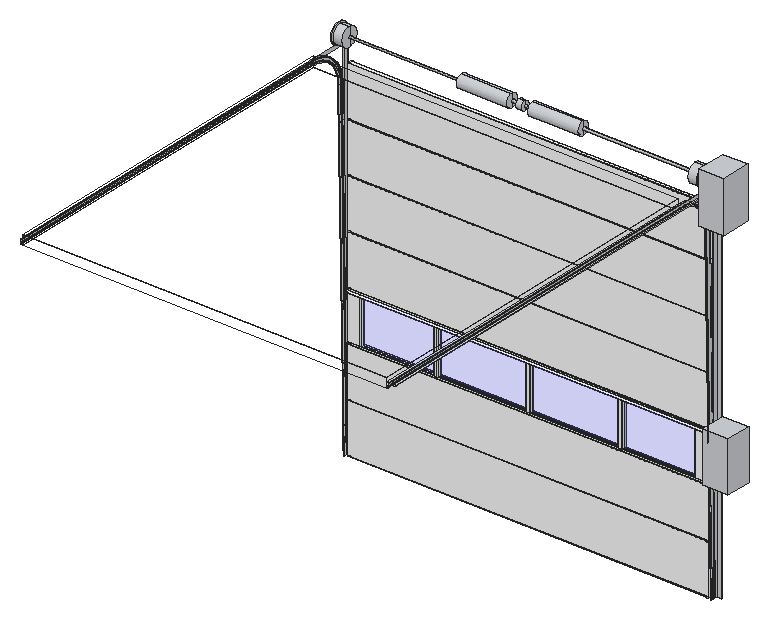
Revit family "EX3150 Complete Door - DraftA", category Doors, host Wall, Revit 2022
Family settings
  Host = Wall
  OmniClass Number = 23.30.10.17.37.14
  OmniClass Title = Sectional Overhead Doors
  Always vertical = Yes
  Cut with Voids When Loaded = No
  Shared = No
  Room Calculation Point = No
Parameters (values of type "By Type")
  Windload = "Doors available rated for various design pressures; consult Clopay for avaialbility and specifications"
  VisSection6 = NumSections = 6  # no
  VisSection5 = NumSections > 4  # yes
  VisSection4 = NumSections > 3  # yes
  VisSection3 = NumSections > 2  # yes
  VisArray = NumSections > 6  # yes
  URL = "www.clopaydoor.com"
  Track Type = Track - Standard Lift : 15" Radius
  Track = "Galvanized steel (gauge varies according to door size)"
  Thickness = 0' - 1 3/8"  # constant formula
  Spec Wizard = "http://www.arcat.com/specwizard/08360clo/index.htm"
  Section Height = Height / NumSections  # 2' - 0"
  Section 5 Glazing = Section : Solid
  Section 4 Glazing = Section : Solid
  Section 3 Glazing = Full Vision Section : Intermediate
  Sales Information = "http://www.clopaydoor.com/where-to-buy.aspx?type=dealer"
  Rough Width = 0' - 0"  # constant formula
  Rough Height = 0' - 0"  # constant formula
  R-Value = "6.5"
  Product Features and Benefits = "http://www.clopaydoor.com/insulated-polystyrene-applications.aspx"
  Overlapping Jamb = yes
  Overlap = if(Overlapping Jamb, 0' 1", 0' 0")  # 0' - 1"
  Opening Width = 14' - 2"
  Opening Height = 14' - 0"
  Opener - Right Side = yes
  Opener - Left Side = not([Opener - Right Side])  # no
  Omniclass Table = "23-30 10 17 37 "
  NumSectionsNotRounded = Height / 2' 0"  # 7
  NumSections = NumSectionsNotRounded + 0.4999  # 7
  NumArraySections = if(NumSections > 6, NumSections - 5, 2)  # 2
  Model = "3715"
  Minimum Size = "8' 0'' wide x 7' 0'' high"  # constant formula
  Maximum Size = "16' 2'' wide x 14' 0'' high"  # constant formula
  Maximum High Lift = "10' 0''"  # constant formula
  Manufacturer Website = "http://www.clopaydoor.com"
  Manufacturer Phone Number = "1-800-526-4301"
  Manufacturer Address = "1400 W. Market St., Troy, OH 45373"
  Manufacturer = "Clopay Building Products Company"
  LEED = "http://products.construction.com/swts_content_files/151607/303186.pdf"
  Keynote = "08 36 13"
  Interior Steel = "28 ga. galvanized, primed, and finish painted"
  High Lift = 4' - 0"
  Hardware = "14 ga. min. steel hinges; 10-ball steel rollers"
  GreenFormat = "http://www.greenformat.com/products/1536-Polyurethane%20Insulated%20Doors.rtf"
  Function = Interior
  Height = Opening Height + Rough Width * 0  # 14' - 0"
  Wall Closure = By host
  Width = Opening Width + Rough Width * 0  # 14' - 2"
  FloorToSection7 = 6 * Section Height  # 12' - 0"
  FloorToSection6 = 5 * Section Height  # 10' - 0"
  FloorToSection5 = 4 * Section Height  # 8' - 0"
  FloorToSection4 = 3 * Section Height  # 6' - 0"
  FloorToSection3 = 2 * Section Height  # 4' - 0"
  FloorToSection2 = Section Height  # 2' - 0"
  File Revision = "02 (August, 2012)"
  Exterior Steel = "27 ga. galvanized, primed, and finish painted"
  Double End Stiles = 1 = 1  # yes
  Door Width = Opening Width + Overlap * 2  # 14' - 4"
  Door Height = Opening Height + Rough Width * 0  # 14' - 0"
  Description = "1-3/8'' thick polyurethane insulated, stucco embossed 27 gauge steel exterior with light ribbed pattern."
  Core Material = "Expanded polystyrene"
  Copyright = "2010, Clopay Building Products Company, Inc."
  Control Box - Right Side = [Opener - Right Side]  # yes
  Control Box - Left Side = [Opener - Left Side]  # no
  Color = White
  CAD and Specifications = "http://www.clopaydoor.com/insulated-polystyrene-specs.aspx"
  Assembly Code = "B2030410"
Reference planes (in)
  plane 1 "Center (Front/Back)": y = 0
  plane 2 "Center (Left/Right)": x = 0
  plane 3 "Left": x = -85
  plane 4 "Right": x = 85
  plane 5 "Top": z = 168
  plane 6 "Exterior": y = 3
  plane 7 "Interior": y = -3
  plane 8: z = 120
  plane 9: z = 144
Lines and regions (in)
  Opening 1
    outline origin (-90, -3, 0) x (1, 0, 0) y (0, 0, 1)
      loop
        line (5, 0) -> (175, 0) -> (175, 168) -> (5, 168) -> (5, 0)
Text (in)
  text "Exterior" at (-74.96733, 27.31104, 0), in view "Ref. Level"
  text "Interior" at (-74.96733, -25.14366, 0), in view "Ref. Level"
  text "Exterior" at (0, 40.15149, 123.01588), in view "Right"
  text "Interior" at (0, -64.39139, 123.01588), in view "Right"
  text "Interior" at (0, -31.01599, 123.00693), in view "Left"
  text "Exterior" at (0, 54.57065, 123.00693), in view "Left"
Dimensions and locks (in)
  equal spacing: plane 3 "Left", plane 2 "Center (Left/Right)", plane 4 "Right"
  "Height": level to plane 5 "Top"
  "Width": plane 3 "Left" to plane 4 "Right"
  host wall to plane 5 "Top" = 14' - 0"
  nested 1 to plane 7 "Interior" = 0' - 0 1/2"
  "FloorToSection6": plane 8 to level
  "FloorToSection7": plane 9 to level
  group 1 to group 2 = 0' - 0"  (x2)
  group 1 to group 2 = 2' - 0"
  host wall to host wall = 67' - 6"
  aligned and locked: plane 3 "Left" to Opening 1 sketch curve
  aligned and locked: plane 5 "Top" to Opening 1 sketch curve
  aligned and locked: Opening 1 sketch curve to plane 5 "Top"
  aligned and locked: Opening 1 sketch curve to plane 4 "Right"
  aligned and locked: Opening 1 sketch curve to level
  aligned and locked: plane 6 "Exterior" to host wall
  aligned and locked: host wall to plane 7 "Interior"
  aligned and locked: plane 2 "Center (Left/Right)" to nested 2
  aligned and locked: plane 2 "Center (Left/Right)" to nested 3
  aligned and locked: plane 2 "Center (Left/Right)" to nested 4
  aligned and locked: plane 2 "Center (Left/Right)" to nested 5
  aligned and locked: plane 2 "Center (Left/Right)" to nested 7
  aligned and locked: nested 7 to plane 8
  aligned and locked: nested 8 to plane 9
  aligned and locked: plane 7 "Interior" to nested 2
  aligned and locked: plane 7 "Interior" to nested 7
  aligned and locked: host wall to nested 8
  aligned and locked: plane 7 "Interior" to nested 3
  aligned and locked: host wall to nested 3
  aligned and locked: plane 7 "Interior" to nested 1
  aligned and locked: nested 2 to host wall
  aligned and locked: plane 7 "Interior" to nested 6
  aligned and locked: plane 7 "Interior" to nested 5
  aligned and locked: host wall to nested 7
  aligned and locked: plane 7 "Interior" to nested 4
  aligned and locked: nested 11 to plane 2 "Center (Left/Right)"
Nested families (in)
  nested 1: "Section" at (0, 0, 0), type "Solid"
  nested 2: "Section" at (0, 0, 24), built-in parameter 1001364 <- "Section Height", type "Solid"
  nested 3: "Full Vision Section" at (0, 0, 48), type <- "Section 3 Glazing", built-in parameter 1001364 <- "FloorToSection3", visible <- "VisSection3", type "Intermediate"
    with SingleStileVis no, Rail Width 14' - 3 13/16", NumIntStiles 3, Half Rail Width 7' - 1 29/32", Half Door Width 7' - 2", Glass Width 14' - 2 13/16", End Stile Face 0' - 6", Edge to 1st Int Stile 3' - 6", Double End Stiles yes, Door Width 14' - 4", ArrayStileVis yes, ArrayIntStiles 3
  nested 4: "Section" at (0, 0, 120), built-in parameter 1001364 <- "FloorToSection6", visible <- "VisSection6", type "Solid"
  nested 5: "Section" at (0, 0, 96), built-in parameter 1001364 <- "FloorToSection5", type <- "Section 5 Glazing", visible <- "VisSection5", type "Solid"
  nested 6: "Section" at (0, 0, 72), type <- "Section 4 Glazing", built-in parameter 1001364 <- "FloorToSection4", visible <- "VisSection4", type "Solid"
  nested 7: "Section" at (0, 0, 120), visible <- "VisArray", type "Solid"
  nested 8: "Section" at (0, 0, 144), visible <- "VisArray", type "Solid"
  nested 9: "Section" at (0, 4.67704, 636.93806), type "Windows - 24x8", not visible
  nested 10: "Section" at (0, 4.63986, 609.3176), type "Windows - 24x12", not visible
  nested 11: "Track - Standard Lift" at (0, 0, 0) x (-1, 0, 0) z (0, 0, 1), type <- "Track Type", type "15" Radius"
    with TrackToTrack 14' - 6", Door Width 14' - 4", CenterToLHTrack 7' - 3", CenterToRHTrack -7' - 3", CenterToJackShaft 7' - 7"
Definition of nested family "Section"
  Parameters (values of type "Windows - 24x12")
    X9 = if(if(NumArrayedWindows < NumWindows, NumArrayedWindows + 1, NumWindows) < 9, X1, X8 + WindowSpacing)  # 0' - 8 1/2"
    X8 = if(if(NumArrayedWindows < NumWindows, NumArrayedWindows + 1, NumWindows) < 8, X1, X7 + WindowSpacing)  # 0' - 8 1/2"
    X7 = if(if(NumArrayedWindows < NumWindows, NumArrayedWindows + 1, NumWindows) < 7, X1, X6 + WindowSpacing)  # 0' - 8 1/2"
    X6 = if(if(NumArrayedWindows < NumWindows, NumArrayedWindows + 1, NumWindows) < 6, X1, X5 + WindowSpacing)  # 0' - 8 1/2"
    X5 = if(if(NumArrayedWindows < NumWindows, NumArrayedWindows + 1, NumWindows) < 5, X1, X4 + WindowSpacing)  # 0' - 8 1/2"
    X4 = if(if(NumArrayedWindows < NumWindows, NumArrayedWindows + 1, NumWindows) < 4, X1, X3 + WindowSpacing)  # 11' - 8 1/2"
    X3 = if(NumWindows < 3, X1, X2 + WindowSpacing)  # 8' - 0 1/2"
    X2 = if(NumWindows < 2, ((Door Width - (NumWindows - 1) * WindowSpacing) / 2 - Cutout Width / 2), ((Door Width - (NumWindows - 1) * WindowSpacing) / 2 - Cutout Width / 2) + WindowSpacing)  # 4' - 4 1/2"
    Windows = 37xx Window Array : 24x12
    WindowVis = yes
    WindowSpacing = if(and(Door Width < 10' 0", Door Width > 9' 2"), 3' 4", 3' 8")  # 3' - 8"
    WindowCutDepth = 0' - 2"
    Section Height = 2' - 0"
    RibSpacing = Section Height / (NumRibs + 1)  # 0' - 4"
    NumWindows = if(Door Width < 9' 4", 2, if(Door Width < 13' 4", 3, if(Door Width < 16' 4", 4, if(Door Width < 20' 4", 5, if(Door Width < 24' 4", 6, if(Door Width < 26' 4", 7, if(Door Width < 31' 8", 8, 10)))))))  # 4
    NumRibs = if(Section Height < 1' 9", 3, if(Section Height < 2' 0", 4, 5))  # 5
    NumArrayedWindows = if(X2 = X1, NumWindows - 2, NumWindows)  # 4
    Half Section Height = Section Height / 2  # 1' - 0"
    Half Door Width Neg = -Half Door Width  # -7' - 2"
    Half Door Width = Door Width / 2  # 7' - 2"
    Half Cutout Height = Cutout Height / 2  # 0' - 5 1/2"
    Function = (empty or 0)
    Height = 0' - 0"
    Wall Closure = (empty or 0)
    Width = 0' - 0"
    X1 = if(or(Door Width > 31' 6", and(Door Width > 26' 2", Door Width < 28' 1"), Door Width = 24' 3", Door Width = 24' 4", and(Door Width > 20' 2", Door Width < 20' 11"), and(Door Width > 16' 2", Door Width < 17' 3")), X2, (Door Width - (NumWindows - 1) * WindowSpacing) / 2 - Cutout Width / 2)  # 0' - 8 1/2"
    Door Width = 14' - 4"
    Define Thermal Properties by = 1
    CutoutToCutout = 1' - 0"
    Cutout Width = 1' - 11"
    Cutout Height = 0' - 11"
    Color = none
    BtmTo1stRib = RibSpacing  # 0' - 4"
    Assembly Code = ""
    Analytic Construction = "<None>"
  Types (3): name | Windows | WindowVis | WindowCutDepth | Half Cutout Height | Cutout Height
    Windows - 24x12 | 37xx Window Array : 24x12 | yes | 0' - 2" | 0' - 5 1/2" | 0' - 11"
    Windows - 24x8 | 37xx Window Array : 24x8 | yes | 0' - 2" | 0' - 3 1/2" | 0' - 7"
    Solid | 37xx Window Array : 24x8 | no | -0' - 0 13/128" | 0' - 3 1/2" | 0' - 7"
  Reference planes (in)
    plane 1 "Center (Front/Back)": y = 0
    plane 2 "Center (Left/Right)": x = 0
    plane 3 "Exterior": y = 3
    plane 4 "Interior": y = -3
    plane 5: y = -3.5
    plane 6: x = 86
    plane 7: x = -86
    plane 8: z = 4
    plane 9: z = 8
    plane 10: z = 24
    plane 11: z = 12
    plane 12: z = 0
  Forms (in)
    Extrusion 1, solid, material <- "Color"
      sketch origin (-86, -12, 83.08252) x (0, 0, 1) y (0, -1, 0)
        loop
          line (-59.08252, -8.37573) -> (-59.08252, -6.62444)
          arc (-59.08252, -6.62444) -> (-59.11897, -6.53645) -> (-59.20696, -6.5) r 0.12444
          line (-59.20696, -6.5) -> (-82.95809, -6.5)
          arc (-82.95809, -6.5) -> (-83.04608, -6.53645) -> (-83.08252, -6.62444) r 0.12444
          line (-83.08252, -6.62444) -> (-83.08252, -8.37573)
          arc (-83.08252, -8.37573) -> (-83.04612, -8.4636) -> (-82.95825, -8.5) r 0.12427
          line (-82.95825, -8.5) -> (-59.20679, -8.5)
          arc (-59.20679, -8.5) -> (-59.11892, -8.4636) -> (-59.08252, -8.37573) r 0.12427
      from 0 to 172 <- "Door Width"
    Extrusion 2, void
      sketch origin (0, 0, -0.5) x (0, -1, 0) y (0, 0, 1)
        loop
          line (3.5, 4.62727) -> (3.5, 4.37273) -> (3.53032, 4.41942)
          arc (3.53032, 4.41942) -> (3.53753, 4.43506) -> (3.54, 4.4521) r 0.06
          line (3.54, 4.4521) -> (3.54, 4.5479)
          arc (3.54, 4.5479) -> (3.53753, 4.56494) -> (3.53032, 4.58058) r 0.06
          line (3.53032, 4.58058) -> (3.5, 4.62727)
      from -86 <- "Half Door Width Neg" to 172 <- "Door Width"
    Extrusion 3, void
      sketch origin (0, 0, 3.5) x (0, -1, 0) y (0, 0, 1)
        loop
          line (3.5, 4.62727) -> (3.5, 4.37273) -> (3.53032, 4.41942)
          arc (3.53032, 4.41942) -> (3.53753, 4.43506) -> (3.54, 4.4521) r 0.06
          line (3.54, 4.4521) -> (3.54, 4.5479)
          arc (3.54, 4.5479) -> (3.53753, 4.56494) -> (3.53032, 4.58058) r 0.06
          line (3.53032, 4.58058) -> (3.5, 4.62727)
      from -86 <- "Half Door Width Neg" to 172 <- "Door Width"
    Extrusion 4, void
      sketch origin (0, 0, 7.5) x (0, -1, 0) y (0, 0, 1)
        loop
          line (3.5, 4.62727) -> (3.5, 4.37273) -> (3.53032, 4.41942)
          arc (3.53032, 4.41942) -> (3.53753, 4.43506) -> (3.54, 4.4521) r 0.06
          line (3.54, 4.4521) -> (3.54, 4.5479)
          arc (3.54, 4.5479) -> (3.53753, 4.56494) -> (3.53032, 4.58058) r 0.06
          line (3.53032, 4.58058) -> (3.5, 4.62727)
      from -86 <- "Half Door Width Neg" to 172 <- "Door Width"
    Extrusion 5, void
      sketch origin (-98.15385, -3.5, 48) x (1, 0, 0) y (0, 0, 1)
        loop
          line (175.65385, -30.5) -> (152.65385, -30.5) -> (152.65385, -36) -> (175.65385, -36) -> (175.65385, -30.5)
      from 0 to 2 <- "WindowCutDepth"
    Extrusion 6, void
      sketch origin (-98.15385, -3.5, -24) x (1, 0, 0) y (0, 0, 1)
        loop
          line (175.65385, 30.5) -> (175.65385, 36) -> (152.65385, 36) -> (152.65385, 30.5) -> (175.65385, 30.5)
      from 0 to 2 <- "WindowCutDepth"
    Extrusion 7, void
      sketch origin (-136.15385, -3.5, 48) x (1, 0, 0) y (0, 0, 1)
        loop
          line (169.65385, -30.5) -> (146.65385, -30.5) -> (146.65385, -36) -> (169.65385, -36) -> (169.65385, -30.5)
      from 0 to 2 <- "WindowCutDepth"
    Extrusion 8, void
      sketch origin (-136.15385, -3.5, -24) x (1, 0, 0) y (0, 0, 1)
        loop
          line (169.65385, 30.5) -> (169.65385, 36) -> (146.65385, 36) -> (146.65385, 30.5) -> (169.65385, 30.5)
      from 0 to 2 <- "WindowCutDepth"
    Extrusion 9, void
      sketch origin (-171.15385, -3.5, 48) x (1, 0, 0) y (0, 0, 1)
        loop
          line (160.65385, -30.5) -> (137.65385, -30.5) -> (137.65385, -36) -> (160.65385, -36) -> (160.65385, -30.5)
      from 0 to 2 <- "WindowCutDepth"
    Extrusion 10, void
      sketch origin (-171.15385, -3.5, -24) x (1, 0, 0) y (0, 0, 1)
        loop
          line (160.65385, 30.5) -> (160.65385, 36) -> (137.65385, 36) -> (137.65385, 30.5) -> (160.65385, 30.5)
      from 0 to 2 <- "WindowCutDepth"
    Extrusion 11, void
      sketch origin (-214.15385, -3.5, 48) x (1, 0, 0) y (0, 0, 1)
        loop
          line (159.65385, -30.5) -> (136.65385, -30.5) -> (136.65385, -36) -> (159.65385, -36) -> (159.65385, -30.5)
      from 0 to 2 <- "WindowCutDepth"
    Extrusion 12, void
      sketch origin (-214.15385, -3.5, -24) x (1, 0, 0) y (0, 0, 1)
        loop
          line (159.65385, 30.5) -> (159.65385, 36) -> (136.65385, 36) -> (136.65385, 30.5) -> (159.65385, 30.5)
      from 0 to 2 <- "WindowCutDepth"
    Extrusion 13, void
      sketch origin (-256.15385, -3.5, 48) x (1, 0, 0) y (0, 0, 1)
        loop
          line (333.65385, -30.5) -> (310.65385, -30.5) -> (310.65385, -36) -> (333.65385, -36) -> (333.65385, -30.5)
      from 0 to 2 <- "WindowCutDepth"
    Extrusion 14, void
      sketch origin (-256.15385, -3.5, -24) x (1, 0, 0) y (0, 0, 1)
        loop
          line (333.65385, 30.5) -> (333.65385, 36) -> (310.65385, 36) -> (310.65385, 30.5) -> (333.65385, 30.5)
      from 0 to 2 <- "WindowCutDepth"
    Extrusion 15, void
      sketch origin (-294.15385, -3.5, 48) x (1, 0, 0) y (0, 0, 1)
        loop
          line (371.65385, -30.5) -> (348.65385, -30.5) -> (348.65385, -36) -> (371.65385, -36) -> (371.65385, -30.5)
      from 0 to 2 <- "WindowCutDepth"
    Extrusion 16, void
      sketch origin (-294.15385, -3.5, -24) x (1, 0, 0) y (0, 0, 1)
        loop
          line (371.65385, 30.5) -> (371.65385, 36) -> (348.65385, 36) -> (348.65385, 30.5) -> (371.65385, 30.5)
      from 0 to 2 <- "WindowCutDepth"
    Extrusion 17, void
      sketch origin (-331.15385, -3.5, 48) x (1, 0, 0) y (0, 0, 1)
        loop
          line (408.65385, -30.5) -> (385.65385, -30.5) -> (385.65385, -36) -> (408.65385, -36) -> (408.65385, -30.5)
      from 0 to 2 <- "WindowCutDepth"
    Extrusion 18, void
      sketch origin (-331.15385, -3.5, -24) x (1, 0, 0) y (0, 0, 1)
        loop
          line (408.65385, 30.5) -> (408.65385, 36) -> (385.65385, 36) -> (385.65385, 30.5) -> (408.65385, 30.5)
      from 0 to 2 <- "WindowCutDepth"
    Extrusion 19, void
      sketch origin (-368.15385, -3.5, 48) x (1, 0, 0) y (0, 0, 1)
        loop
          line (445.65385, -30.5) -> (422.65385, -30.5) -> (422.65385, -36) -> (445.65385, -36) -> (445.65385, -30.5)
      from 0 to 2 <- "WindowCutDepth"
    Extrusion 20, void
      sketch origin (-368.15385, -3.5, -24) x (1, 0, 0) y (0, 0, 1)
        loop
          line (445.65385, 30.5) -> (445.65385, 36) -> (422.65385, 36) -> (422.65385, 30.5) -> (445.65385, 30.5)
      from 0 to 2 <- "WindowCutDepth"
    Extrusion 21, void
      sketch origin (-407.15385, -3.5, 48) x (1, 0, 0) y (0, 0, 1)
        loop
          line (484.65385, -30.5) -> (461.65385, -30.5) -> (461.65385, -36) -> (484.65385, -36) -> (484.65385, -30.5)
      from 0 to 2 <- "WindowCutDepth"
    Extrusion 22, void
      sketch origin (-407.15385, -3.5, -24) x (1, 0, 0) y (0, 0, 1)
        loop
          line (484.65385, 30.5) -> (484.65385, 36) -> (461.65385, 36) -> (461.65385, 30.5) -> (484.65385, 30.5)
      from 0 to 2 <- "WindowCutDepth"
    Extrusion 23, void
      sketch origin (0, 0, 11.5) x (0, -1, 0) y (0, 0, 1)
        loop
          line (3.5, 4.62727) -> (3.5, 4.37273) -> (3.53032, 4.41942)
          arc (3.53032, 4.41942) -> (3.53753, 4.43506) -> (3.54, 4.4521) r 0.06
          line (3.54, 4.4521) -> (3.54, 4.5479)
          arc (3.54, 4.5479) -> (3.53753, 4.56494) -> (3.53032, 4.58058) r 0.06
          line (3.53032, 4.58058) -> (3.5, 4.62727)
      from -86 <- "Half Door Width Neg" to 172 <- "Door Width"
    Extrusion 24, void
      sketch origin (0, 0, 15.5) x (0, -1, 0) y (0, 0, 1)
        loop
          line (3.5, 4.62727) -> (3.5, 4.37273) -> (3.53032, 4.41942)
          arc (3.53032, 4.41942) -> (3.53753, 4.43506) -> (3.54, 4.4521) r 0.06
          line (3.54, 4.4521) -> (3.54, 4.5479)
          arc (3.54, 4.5479) -> (3.53753, 4.56494) -> (3.53032, 4.58058) r 0.06
          line (3.53032, 4.58058) -> (3.5, 4.62727)
      from -86 <- "Half Door Width Neg" to 172 <- "Door Width"
  Cuts and joins
    Extrusion 2, Extrusion 3, Extrusion 4, Extrusion 5, Extrusion 6, Extrusion 7, Extrusion 8, Extrusion 9, Extrusion 10, Extrusion 11, Extrusion 12, Extrusion 13, Extrusion 14, Extrusion 15, Extrusion 16, Extrusion 17, Extrusion 18, Extrusion 19, Extrusion 20, Extrusion 21, Extrusion 22, Extrusion 23, Extrusion 24 cuts Extrusion 1
  Lines and regions (in)
    reference lines
      curve 1: line (-72, -3.54, 4) -> (-72, -3.5, 4)
      curve 2: line (-72, -5.45984, 4) -> (-72, -5.49984, 4)
      curve 3: line (-72, -3.54, 8) -> (-72, -3.5, 8)
      curve 4: line (-72, -3.54, 12) -> (-72, -3.5, 12)
      curve 5: line (-72, -5.45984, 4) -> (-72, -5.49984, 4)
      curve 6: line (-72, -5.45984, 8) -> (-72, -5.49984, 8)
      curve 7: line (-72, -5.45984, 12) -> (-72, -5.49984, 12)
      curve 8: line (-72, -3.54, 16) -> (-72, -3.5, 16)
      curve 9: line (-72, -5.45984, 16) -> (-72, -5.49984, 16)
      curve 10: line (-72, -3.54, 20) -> (-72, -3.5, 20)
      curve 11: line (-72, -5.45984, 20) -> (-72, -5.49984, 20)
  Text (in)
    text "Exterior" at (-74.96733, 27.31104, 0), in view "Ref. Level"
    text "Interior" at (-74.96733, -25.14366, 0), in view "Ref. Level"
    text "Exterior" at (0, 40.15149, 123.01588), in view "Right"
    text "Interior" at (0, -64.39139, 123.01588), in view "Right"
    text "Interior" at (0, -31.01599, 123.00693), in view "Left"
    text "Exterior" at (0, 54.57065, 123.00693), in view "Left"
  Dimensions and locks (in)
    plane 4 "Interior" to plane 5 = 0' - 0 1/2"
    "Half Door Width": plane 2 "Center (Left/Right)" to plane 7
    "Half Door Width": plane 6 to plane 2 "Center (Left/Right)"
    Extrusion 1 sketch curve to Extrusion 1 sketch curve = 0' - 2"
    Extrusion 2 sketch curve to Extrusion 2 sketch curve = 0' - 0.25454"
    Extrusion 2 sketch curve to Extrusion 2 sketch curve = 0' - 0.04"  (x2)
    "BtmTo1stRib": plane 8 to level
    curve 1 to Extrusion 2 sketch curve = 0' - 0.12727"
    "RibSpacing": plane 9 to plane 8
    "Section Height": plane 10 to level
    Extrusion 3 sketch curve to Extrusion 3 sketch curve = 0' - 0.25454"
    Extrusion 3 sketch curve to Extrusion 3 sketch curve = 0' - 0.04"  (x2)
    curve 3 to Extrusion 3 sketch curve = 0' - 0.12727"
    equal spacing: group 1, group 2, group 3, group 4, group 5  (x3)
    Extrusion 4 sketch curve to Extrusion 4 sketch curve = 0' - 0.25454"
    Extrusion 4 sketch curve to Extrusion 4 sketch curve = 0' - 0.04"  (x2)
    curve 4 to Extrusion 4 sketch curve = 0' - 0.12727"
    "Half Section Height": level to plane 11
    "Cutout Width": Extrusion 5 sketch curve to Extrusion 5 sketch curve
    "Half Cutout Height": Extrusion 5 sketch curve to Extrusion 5 sketch curve
    "Cutout Width": Extrusion 6 sketch curve to Extrusion 6 sketch curve
    "Half Cutout Height": Extrusion 6 sketch curve to Extrusion 6 sketch curve
    "X1": cut or joined group 1 (Extrusion 1, Extrusion 2, Extrusion 3, Extrusion 4, Extrusion 5, Extrusion 6, Extrusion 7, Extrusion 8, Extrusion 9, Extrusion 10, Extrusion 11, Extrusion 12, Extrusion 13, Extrusion 14, Extrusion 15, Extrusion 16, Extrusion 17, Extrusion 18, Extrusion 19, Extrusion 20, Extrusion 21, Extrusion 22, Extrusion 23, Extrusion 24) to cut or joined group 1
    "Cutout Width": Extrusion 7 sketch curve to Extrusion 7 sketch curve
    "Half Cutout Height": Extrusion 7 sketch curve to Extrusion 7 sketch curve
    "Cutout Width": Extrusion 8 sketch curve to Extrusion 8 sketch curve
    "Half Cutout Height": Extrusion 8 sketch curve to Extrusion 8 sketch curve
    "Cutout Width": Extrusion 9 sketch curve to Extrusion 9 sketch curve
    "Half Cutout Height": Extrusion 9 sketch curve to Extrusion 9 sketch curve
    "Cutout Width": Extrusion 10 sketch curve to Extrusion 10 sketch curve
    "Half Cutout Height": Extrusion 10 sketch curve to Extrusion 10 sketch curve
    "X2": plane 6 to cut or joined group 1
    "X3": plane 6 to cut or joined group 1
    "Cutout Width": Extrusion 11 sketch curve to Extrusion 11 sketch curve
    "Half Cutout Height": Extrusion 11 sketch curve to Extrusion 11 sketch curve
    "Cutout Width": Extrusion 12 sketch curve to Extrusion 12 sketch curve
    "Half Cutout Height": Extrusion 12 sketch curve to Extrusion 12 sketch curve
    "Cutout Width": Extrusion 13 sketch curve to Extrusion 13 sketch curve
    "Half Cutout Height": Extrusion 13 sketch curve to Extrusion 13 sketch curve
    "Cutout Width": Extrusion 14 sketch curve to Extrusion 14 sketch curve
    "Half Cutout Height": Extrusion 14 sketch curve to Extrusion 14 sketch curve
    "Cutout Width": Extrusion 15 sketch curve to Extrusion 15 sketch curve
    "Half Cutout Height": Extrusion 15 sketch curve to Extrusion 15 sketch curve
    "Cutout Width": Extrusion 16 sketch curve to Extrusion 16 sketch curve
    "Half Cutout Height": Extrusion 16 sketch curve to Extrusion 16 sketch curve
    "Cutout Width": Extrusion 17 sketch curve to Extrusion 17 sketch curve
    "Half Cutout Height": Extrusion 17 sketch curve to Extrusion 17 sketch curve
    "Cutout Width": Extrusion 18 sketch curve to Extrusion 18 sketch curve
    "Half Cutout Height": Extrusion 18 sketch curve to Extrusion 18 sketch curve
    "Cutout Width": Extrusion 19 sketch curve to Extrusion 19 sketch curve
    "Half Cutout Height": Extrusion 19 sketch curve to Extrusion 19 sketch curve
    "Cutout Width": Extrusion 20 sketch curve to Extrusion 20 sketch curve
    "Half Cutout Height": Extrusion 20 sketch curve to Extrusion 20 sketch curve
    "Cutout Width": Extrusion 21 sketch curve to Extrusion 21 sketch curve
    "Half Cutout Height": Extrusion 21 sketch curve to Extrusion 21 sketch curve
    "Cutout Width": Extrusion 22 sketch curve to Extrusion 22 sketch curve
    "Half Cutout Height": Extrusion 22 sketch curve to Extrusion 22 sketch curve
    "X4": plane 6 to cut or joined group 1
    "X5": plane 6 to cut or joined group 1
    "X6": plane 6 to cut or joined group 1
    "X7": plane 6 to cut or joined group 1
    "X8": plane 6 to cut or joined group 1
    "X9": plane 6 to cut or joined group 1
    locked: nested 1 to cut or joined group 1 at 1  (x2)
    locked: nested 1 to cut or joined group 1 at 0.125
    Extrusion 23 sketch curve to Extrusion 23 sketch curve = 0' - 0.25454"
    Extrusion 23 sketch curve to Extrusion 23 sketch curve = 0' - 0.04"  (x2)
    curve 8 to Extrusion 23 sketch curve = 0' - 0.12727"
    Extrusion 24 sketch curve to Extrusion 24 sketch curve = 0' - 0.25454"
    Extrusion 24 sketch curve to Extrusion 24 sketch curve = 0' - 0.04"  (x2)
    curve 10 to Extrusion 24 sketch curve = 0' - 0.12727"
    locked: plane 4 "Interior" to cut or joined group 1 at 0.5
    radius of Extrusion 1 sketch curve = 0' - 0.12427"  (x2)
    radius of Extrusion 1 sketch curve = 0' - 0.12444"  (x2)
    angle Extrusion 2 sketch curve to Extrusion 2 sketch curve = 147.00°  (x2)
    angle Extrusion 3 sketch curve to Extrusion 3 sketch curve = 147.00°  (x2)
    angle Extrusion 4 sketch curve to Extrusion 4 sketch curve = 147.00°  (x2)
    angle Extrusion 23 sketch curve to Extrusion 23 sketch curve = 147.00°  (x2)
    angle Extrusion 24 sketch curve to Extrusion 24 sketch curve = 147.00°  (x2)
    aligned and locked: Extrusion 1 sketch curve to plane 5
    aligned and locked: plane 8 to curve 1
    aligned and locked: plane 9 to curve 3
    aligned and locked: Extrusion 5 sketch curve to plane 11
    aligned and locked: plane 11 to Extrusion 6 sketch curve
    aligned and locked: cut or joined group 1 to cut or joined group 1  (x9)
    aligned and locked: plane 12 to level
  Automatic sketch dimensions
    curve 2 to curve 1 = 0' - 1.91984"
    curve 1 to curve 1 = 0' - 0.04"  (x2)
    curve 1 to curve 2 = 0' - 1.91984"
    curve 2 to curve 2 = 0' - 0.04"  (x2)
    Extrusion 2 sketch curve to Extrusion 2 sketch curve = 0' - 0"
    Extrusion 2 sketch curve to Extrusion 2 sketch curve = 0' - 0.02"
    Extrusion 2 sketch curve to Extrusion 2 sketch curve = 0' - 0.00968"  (x2)
    curve 5 to curve 1 = 0' - 0"
    curve 1 to curve 5 = 0' - 1.91984"
    curve 5 to curve 5 = 0' - 0.04"
    Extrusion 3 sketch curve to Extrusion 3 sketch curve = 0' - 0"
    Extrusion 3 sketch curve to Extrusion 3 sketch curve = 0' - 0.02"
    Extrusion 3 sketch curve to Extrusion 3 sketch curve = 0' - 0.00968"  (x2)
    curve 6 to curve 3 = 0' - 0"
    curve 3 to curve 3 = 0' - 0.04"
    curve 3 to curve 6 = 0' - 1.91984"
    curve 6 to curve 6 = 0' - 0.04"
    Extrusion 4 sketch curve to Extrusion 4 sketch curve = 0' - 0"
    Extrusion 4 sketch curve to Extrusion 4 sketch curve = 0' - 0.02"
    Extrusion 4 sketch curve to Extrusion 4 sketch curve = 0' - 0.00968"  (x2)
    curve 7 to curve 4 = 0' - 0"
    curve 4 to curve 4 = 0' - 0.04"
    curve 4 to curve 7 = 0' - 1.91984"
    curve 7 to curve 7 = 0' - 0.04"
    curve 2 to plane 8 = 0' - 0"
    curve 2 to plane 5 = 0' - 1.95984"
    Extrusion 5 sketch curve to plane 6 = 2' - 7 1/2"
    Extrusion 6 sketch curve to plane 6 = 2' - 7 1/2"
    Extrusion 7 sketch curve to plane 11 = 0' - 0"
    Extrusion 7 sketch curve to plane 6 = 6' - 3 1/2"
    Extrusion 8 sketch curve to plane 11 = 0' - 0"
    Extrusion 8 sketch curve to plane 6 = 6' - 3 1/2"
    Extrusion 9 sketch curve to plane 11 = 0' - 0"
    Extrusion 9 sketch curve to plane 6 = 9' - 11 1/2"
    Extrusion 10 sketch curve to plane 11 = 0' - 0"
    Extrusion 10 sketch curve to plane 6 = 9' - 11 1/2"
    Extrusion 11 sketch curve to plane 11 = 0' - 0"
    Extrusion 11 sketch curve to plane 2 "Center (Left/Right)" = 6' - 5 1/2"
    Extrusion 12 sketch curve to plane 11 = 0' - 0"
    Extrusion 12 sketch curve to plane 2 "Center (Left/Right)" = 6' - 5 1/2"
    Extrusion 13 sketch curve to plane 11 = 0' - 0"
    plane 2 "Center (Left/Right)" to Extrusion 13 sketch curve = 4' - 6 1/2"
    Extrusion 14 sketch curve to plane 11 = 0' - 0"
    plane 2 "Center (Left/Right)" to Extrusion 14 sketch curve = 4' - 6 1/2"
    Extrusion 15 sketch curve to plane 11 = 0' - 0"
    plane 2 "Center (Left/Right)" to Extrusion 15 sketch curve = 4' - 6 1/2"
    Extrusion 16 sketch curve to plane 11 = 0' - 0"
    plane 2 "Center (Left/Right)" to Extrusion 16 sketch curve = 4' - 6 1/2"
    Extrusion 17 sketch curve to plane 11 = 0' - 0"
    plane 2 "Center (Left/Right)" to Extrusion 17 sketch curve = 4' - 6 1/2"
    Extrusion 18 sketch curve to plane 11 = 0' - 0"
    plane 2 "Center (Left/Right)" to Extrusion 18 sketch curve = 4' - 6 1/2"
    Extrusion 19 sketch curve to plane 11 = 0' - 0"
    plane 7 to Extrusion 19 sketch curve = 11' - 8 1/2"
    Extrusion 20 sketch curve to plane 11 = 0' - 0"
    plane 7 to Extrusion 20 sketch curve = 11' - 8 1/2"
    Extrusion 21 sketch curve to plane 11 = 0' - 0"
    plane 7 to Extrusion 21 sketch curve = 11' - 8 1/2"
    Extrusion 22 sketch curve to plane 11 = 0' - 0"
    plane 7 to Extrusion 22 sketch curve = 11' - 8 1/2"
    Extrusion 1 sketch curve to plane 10 = 0' - 0"
    Extrusion 1 sketch curve to level = 0' - 0"
    Extrusion 23 sketch curve to Extrusion 23 sketch curve = 0' - 0"
    Extrusion 23 sketch curve to Extrusion 23 sketch curve = 0' - 0.02"
    Extrusion 23 sketch curve to Extrusion 23 sketch curve = 0' - 0.00968"  (x2)
    curve 9 to curve 8 = 0' - 0"
    curve 8 to curve 8 = 0' - 0.04"
    curve 8 to curve 9 = 0' - 1.91984"
    curve 9 to curve 9 = 0' - 0.04"
    Extrusion 24 sketch curve to Extrusion 24 sketch curve = 0' - 0"
    Extrusion 24 sketch curve to Extrusion 24 sketch curve = 0' - 0.02"
    Extrusion 24 sketch curve to Extrusion 24 sketch curve = 0' - 0.00968"  (x2)
    curve 11 to curve 10 = 0' - 0"
    curve 10 to curve 10 = 0' - 0.04"
    curve 10 to curve 11 = 0' - 1.91984"
    curve 11 to curve 11 = 0' - 0.04"
  Nested families (in)
    nested 1: "37xx Window Array" at (66, -3.375, 7.5) x (-1, 0, 0) z (0, 0, 1), type <- "Windows", visible <- "WindowVis", type "24x12"
      with NumWindows 4, Frame Height 1' - 1"
  Definition of nested family "37xx Window Array"
    Parameters
      Window Spacing = 3' - 8"
      NumWindows = 3
      Frame Width = 2' - 1"
      Frame Height = 0' - 9"
      Default Elevation = 0' - 0"
      Color = none
      Assembly Code = ""
    Reference planes (in)
      plane 1 "Center (Front/Back)": y = 0
      plane 2: z = 0
      plane 3 "Center (Left/Right)": x = 0
      plane 4: y = -1
    Forms (in)
      Extrusion 1, solid, material <- "Color"
        sketch origin (-1.38592, 0, 0) x (1, 0, 0) y (0, 0, 1)
          loop
            line (-8.86408, 1.625) -> (11.63592, 1.625)
            arc (11.63592, 1.625) -> (12.07786, 1.80806) -> (12.26092, 2.25) r 0.625
            line (12.26092, 2.25) -> (12.26092, 6.75)
            arc (12.26092, 6.75) -> (12.07786, 7.19194) -> (11.63592, 7.375) r 0.625
            line (11.63592, 7.375) -> (-8.86408, 7.375)
            arc (-8.86408, 7.375) -> (-9.30602, 7.19194) -> (-9.48908, 6.75) r 0.625
            line (-9.48908, 6.75) -> (-9.48908, 2.25)
            arc (-9.48908, 2.25) -> (-9.30602, 1.80806) -> (-8.86408, 1.625) r 0.625
          loop
            line (-10.48908, 0) -> (13.26092, 0)
            arc (13.26092, 0) -> (13.70286, 0.18306) -> (13.88592, 0.625) r 0.625
            line (13.88592, 0.625) -> (13.88592, 8.375)
            arc (13.88592, 8.375) -> (13.70286, 8.81694) -> (13.26092, 9) r 0.625
            line (13.26092, 9) -> (-10.48908, 9)
            arc (-10.48908, 9) -> (-10.93102, 8.81694) -> (-11.11408, 8.375) r 0.625
            line (-11.11408, 8.375) -> (-11.11408, 0.625)
            arc (-11.11408, 0.625) -> (-10.93102, 0.18306) -> (-10.48908, 0) r 0.625
        from 0 to 2.25
      Extrusion 2, solid
        sketch origin (0, -1, 15.9844) x (0, 0, 1) y (-1, 0, 0)
          loop
            arc (-8.6094, 10.25) -> (-8.79246, 10.69194) -> (-9.2344, 10.875) r 0.625
            line (-9.2344, 10.875) -> (-13.7344, 10.875)
            arc (-13.7344, 10.875) -> (-14.17634, 10.69194) -> (-14.3594, 10.25) r 0.625
            line (-14.3594, 10.25) -> (-14.3594, -10.25)
            arc (-14.3594, -10.25) -> (-14.17634, -10.69194) -> (-13.7344, -10.875) r 0.625
            line (-13.7344, -10.875) -> (-9.2344, -10.875)
            arc (-9.2344, -10.875) -> (-8.79246, -10.69194) -> (-8.6094, -10.25) r 0.625
            line (-8.6094, -10.25) -> (-8.6094, 10.25)
        from 0 to 0.25
      Extrusion 3, solid, material <- "Color"
        sketch origin (42.61408, 0, 0) x (1, 0, 0) y (0, 0, 1)
          loop
            line (-8.86408, 1.625) -> (11.63592, 1.625)
            arc (11.63592, 1.625) -> (12.07786, 1.80806) -> (12.26092, 2.25) r 0.625
            line (12.26092, 2.25) -> (12.26092, 6.75)
            arc (12.26092, 6.75) -> (12.07786, 7.19194) -> (11.63592, 7.375) r 0.625
            line (11.63592, 7.375) -> (-8.86408, 7.375)
            arc (-8.86408, 7.375) -> (-9.30602, 7.19194) -> (-9.48908, 6.75) r 0.625
            line (-9.48908, 6.75) -> (-9.48908, 2.25)
            arc (-9.48908, 2.25) -> (-9.30602, 1.80806) -> (-8.86408, 1.625) r 0.625
          loop
            line (-10.48908, 0) -> (13.26092, 0)
            arc (13.26092, 0) -> (13.70286, 0.18306) -> (13.88592, 0.625) r 0.625
            line (13.88592, 0.625) -> (13.88592, 8.375)
            arc (13.88592, 8.375) -> (13.70286, 8.81694) -> (13.26092, 9) r 0.625
            line (13.26092, 9) -> (-10.48908, 9)
            arc (-10.48908, 9) -> (-10.93102, 8.81694) -> (-11.11408, 8.375) r 0.625
            line (-11.11408, 8.375) -> (-11.11408, 0.625)
            arc (-11.11408, 0.625) -> (-10.93102, 0.18306) -> (-10.48908, 0) r 0.625
        from 0 to 2.25
      Extrusion 4, solid
        sketch origin (44, -1, 15.9844) x (0, 0, 1) y (-1, 0, 0)
          loop
            arc (-8.6094, 10.25) -> (-8.79246, 10.69194) -> (-9.2344, 10.875) r 0.625
            line (-9.2344, 10.875) -> (-13.7344, 10.875)
            arc (-13.7344, 10.875) -> (-14.17634, 10.69194) -> (-14.3594, 10.25) r 0.625
            line (-14.3594, 10.25) -> (-14.3594, -10.25)
            arc (-14.3594, -10.25) -> (-14.17634, -10.69194) -> (-13.7344, -10.875) r 0.625
            line (-13.7344, -10.875) -> (-9.2344, -10.875)
            arc (-9.2344, -10.875) -> (-8.79246, -10.69194) -> (-8.6094, -10.25) r 0.625
            line (-8.6094, -10.25) -> (-8.6094, 10.25)
        from 0 to 0.25
      Extrusion 5, solid, material <- "Color"
        sketch origin (86.61408, 0, 0) x (1, 0, 0) y (0, 0, 1)
          loop
            line (-8.86408, 1.625) -> (11.63592, 1.625)
            arc (11.63592, 1.625) -> (12.07786, 1.80806) -> (12.26092, 2.25) r 0.625
            line (12.26092, 2.25) -> (12.26092, 6.75)
            arc (12.26092, 6.75) -> (12.07786, 7.19194) -> (11.63592, 7.375) r 0.625
            line (11.63592, 7.375) -> (-8.86408, 7.375)
            arc (-8.86408, 7.375) -> (-9.30602, 7.19194) -> (-9.48908, 6.75) r 0.625
            line (-9.48908, 6.75) -> (-9.48908, 2.25)
            arc (-9.48908, 2.25) -> (-9.30602, 1.80806) -> (-8.86408, 1.625) r 0.625
          loop
            line (-10.48908, 0) -> (13.26092, 0)
            arc (13.26092, 0) -> (13.70286, 0.18306) -> (13.88592, 0.625) r 0.625
            line (13.88592, 0.625) -> (13.88592, 8.375)
            arc (13.88592, 8.375) -> (13.70286, 8.81694) -> (13.26092, 9) r 0.625
            line (13.26092, 9) -> (-10.48908, 9)
            arc (-10.48908, 9) -> (-10.93102, 8.81694) -> (-11.11408, 8.375) r 0.625
            line (-11.11408, 8.375) -> (-11.11408, 0.625)
            arc (-11.11408, 0.625) -> (-10.93102, 0.18306) -> (-10.48908, 0) r 0.625
        from 0 to 2.25
      Extrusion 6, solid
        sketch origin (88, -1, 15.9844) x (0, 0, 1) y (-1, 0, 0)
          loop
            arc (-8.6094, 10.25) -> (-8.79246, 10.69194) -> (-9.2344, 10.875) r 0.625
            line (-9.2344, 10.875) -> (-13.7344, 10.875)
            arc (-13.7344, 10.875) -> (-14.17634, 10.69194) -> (-14.3594, 10.25) r 0.625
            line (-14.3594, 10.25) -> (-14.3594, -10.25)
            arc (-14.3594, -10.25) -> (-14.17634, -10.69194) -> (-13.7344, -10.875) r 0.625
            line (-13.7344, -10.875) -> (-9.2344, -10.875)
            arc (-9.2344, -10.875) -> (-8.79246, -10.69194) -> (-8.6094, -10.25) r 0.625
            line (-8.6094, -10.25) -> (-8.6094, 10.25)
        from 0 to 0.25
    Dimensions and locks (in)
      locked: Extrusion 1 sketch curve to Extrusion 1 sketch curve at 1.625  (x4)
      "Frame Height": Extrusion 1 sketch curve to Extrusion 1 sketch curve
      "Frame Width": Extrusion 1 sketch curve to Extrusion 1 sketch curve
      Extrusion 1 to plane 4 = 0' - 1"
      Extrusion 1 to plane 3 "Center (Left/Right)" = 1' - 0 1/2"
      locked: Extrusion 3 sketch curve to Extrusion 3 sketch curve at 1.625  (x4)
      "Frame Height": Extrusion 3 sketch curve to Extrusion 3 sketch curve
      "Frame Width": Extrusion 3 sketch curve to Extrusion 3 sketch curve
      equal spacing: group 1, group 2, group 3  (x3)
      locked: Extrusion 5 sketch curve to Extrusion 5 sketch curve at 1.625  (x4)
      "Frame Height": Extrusion 5 sketch curve to Extrusion 5 sketch curve
      "Frame Width": Extrusion 5 sketch curve to Extrusion 5 sketch curve
      "Window Spacing": Extrusion 1 to Extrusion 3
      radius of Extrusion 1 sketch curve = 0' - 0 5/8"  (x8)
      radius of Extrusion 3 sketch curve = 0' - 0 5/8"  (x8)
      radius of Extrusion 5 sketch curve = 0' - 0 5/8"  (x8)
      aligned and locked: plane 2 to level
      aligned and locked: Extrusion 2 sketch curve to Extrusion 1  (x4)
      aligned and locked: Extrusion 4 sketch curve to Extrusion 3  (x4)
      aligned and locked: Extrusion 6 sketch curve to Extrusion 5  (x4)
Definition of nested family "Full Vision Section"
  Parameters
    Top Rail Face = if(Section Type = 3, 0' 3", 0' 0 27/32")  # 0' - 0 27/32"
    Stile Height = if(or(Section Type = 1, Section Type = 3), Section Height - 0' 3 27/32", Section Height - 0' 0 27/32" * 2)  # 1' - 10 5/16"
    SingleStileVis = and(NumIntStiles < 2, NumIntStiles > 0)  # yes
    Section Type = 2
    Section Height = 2' - 0"
    Rail Width = Door Width - 0' 0 3/16"  # 8' - 1 13/16"
    Panel Material = none
    NumIntStiles = if(Door Width < 4' 9", 0, if(Door Width < 9' 3", 1, if(Door Width < 13' 3", 2, if(Door Width < 16' 3", 3, if(Door Width < 20' 3", 4, 5)))))  # 1
    IntStileCtrCtr = 3' - 8"
    Half Rail Width = Rail Width / 2  # 4' - 0 29/32"
    Half Door Width = Door Width / 2  # 4' - 1"
    Glass Width = Rail Width - 0' 1"  # 8' - 0 13/16"
    Function = (empty or 0)
    Height = 0' - 0"
    Wall Closure = (empty or 0)
    Width = 0' - 0"
    Frame Material = none
    Fin Visibility = or(Section Type = 1, Section Type = 2)  # yes
    End Stile Face = if(Double End Stiles, 0' 6", 0' 3")  # 0' - 3"
    Edge to 1st Int Stile = (Door Width - (NumIntStiles - 1) * 3' 8") / 2  # 4' - 1"
    Double End Stiles = no
    Door Width = 8' - 2"
    Bottom Rail Face = if(Section Type = 1, 0' 3", 0' 0 27/32")  # 0' - 0 27/32"
    Assembly Code = ""
    ArrayStileVis = NumIntStiles > 1  # no
    ArrayIntStiles = if(NumIntStiles < 2, 2, NumIntStiles)  # 2
  Reference planes (in)
    plane 1 "Center (Front/Back)": y = 0
    plane 2 "Center (Left/Right)": x = 0
    plane 3 "Exterior": y = 3
    plane 4 "Interior": y = -3
    plane 5: y = -3.5
    plane 6: x = 49
    plane 7: x = 48.90625
    plane 8: x = -48.90625
    plane 9: x = -49
    plane 10: x = 0
    plane 11: x = 0
  Forms (in)
    Extrusion 1, solid, material <- "Frame Material"
      sketch origin (-48.90625, -12, 83.08252) x (0, 0, 1) y (0, -1, 0)
        loop
          arc (-83.08252, -8.37483) -> (-83.04586, -8.46334) -> (-82.95735, -8.5) r 0.12517
          line (-82.95735, -8.5) -> (-82.23877, -8.5) -> (-82.23877, -8.37402) -> (-82.1155, -8.37402) -> (-81.7405, -7.99902) -> (-81.7405, -7.81152) -> (-82.23877, -7.81152) -> (-82.23877, -7.56152) -> (-81.7405, -7.56152) -> (-81.7405, -6.56152) -> (-82.23877, -6.56152) -> (-82.23877, -6.37582) -> (-82.95588, -6.37582)
          arc (-82.95588, -6.37582) -> (-83.04543, -6.41291) -> (-83.08252, -6.50246) r 0.12664
          line (-83.08252, -6.50246) -> (-83.08252, -8.37483)
      from 0 to 97.8125 <- "Rail Width"
    Extrusion 2, solid, material <- "Frame Material"
      sketch origin (-48.90625, -12, 83.08252) x (0, 0, 1) y (0, -1, 0)
        loop
          line (-59.08252, -8.37573) -> (-59.08252, -6.50025)
          arc (-59.08252, -6.50025) -> (-59.11897, -6.41226) -> (-59.20696, -6.37582) r 0.12444
          line (-59.20696, -6.37582) -> (-59.92627, -6.37582) -> (-59.92627, -6.56152) -> (-60.42627, -6.56152) -> (-60.42627, -7.56152) -> (-59.92627, -7.56152) -> (-59.92627, -7.81152) -> (-60.42627, -7.81152) -> (-60.42627, -7.99854) -> (-60.05079, -8.37402) -> (-59.92627, -8.37402) -> (-59.92627, -8.5) -> (-59.20679, -8.5)
          arc (-59.20679, -8.5) -> (-59.11892, -8.4636) -> (-59.08252, -8.37573) r 0.12427
      from 0 to 97.8125 <- "Rail Width"
    Extrusion 3, solid, material <- "Panel Material"
      sketch origin (-48.90625, -12, 83.08252) x (0, 0, 1) y (0, -1, 0)
        loop
          line (-59.92627, -7.81152) -> (-59.92627, -7.56152) -> (-82.23877, -7.56152) -> (-82.23877, -7.81152) -> (-59.92627, -7.81152)
      from 1 to 96.8125 <- "Glass Width"
    Extrusion 4, solid, material <- "Frame Material"
      sketch origin (-48.90625, -5.43848, 23.15625) x (-1, 0, 0) y (0, 1, 0)
        loop
          line (0.09375, 1.93848) -> (-2.90625, 1.93848) -> (-2.90625, 1.8125) -> (-3.02952, 1.8125) -> (-3.40452, 1.4375) -> (-3.40452, 1.25) -> (-2.90625, 1.25) -> (-2.90625, 1) -> (-3.40452, 1) -> (-3.40452, 0) -> (-2.90625, 0) -> (-2.90625, -0.18571) -> (0.09375, -0.18571) -> (0.09375, 1.93848)
      from 0 to 22.3125 <- "Stile Height"
    Extrusion 5, solid, material <- "Frame Material"
      sketch origin (-48.90625, -3.5, 23.15625) x (-1, 0, 0) y (0, 1, 0)
        loop
          line (-97.90625, 0) -> (-97.90625, -2.12418) -> (-94.90625, -2.12418) -> (-94.90625, -1.93848) -> (-94.40798, -1.93848) -> (-94.40798, -0.93848) -> (-94.90625, -0.93848) -> (-94.90625, -0.68848) -> (-94.40798, -0.68848) -> (-94.40798, -0.50098) -> (-94.78298, -0.12598) -> (-94.90625, -0.12598) -> (-94.90625, 0) -> (-97.90625, 0)
      from 0 to 22.3125 <- "Stile Height"
    Extrusion 6, solid, material <- "Frame Material", visible <- "Fin Visibility"
      sketch origin (-48.90625, -12, 83.08252) x (0, 0, 1) y (0, -1, 0)
        loop
          line (-59.92627, -6.37582) -> (-59.8329, -6.37582) -> (-59.8329, -4.5475)
          arc (-59.8329, -4.5475) -> (-59.87958, -4.50082) -> (-59.92627, -4.5475) r 0.04669
          line (-59.92627, -4.5475) -> (-59.92627, -6.37582)
      from 0 to 97.8125 <- "Rail Width"
  Text (in)
    text "Exterior" at (-74.96733, 27.31104, 0), in view "Ref. Level"
    text "Interior" at (-74.96733, -25.14366, 0), in view "Ref. Level"
    text "Exterior" at (0, 40.15149, 123.01588), in view "Right"
    text "Interior" at (0, -64.39139, 123.01588), in view "Right"
    text "Interior" at (0, -31.01599, 123.00693), in view "Left"
    text "Exterior" at (0, 54.57065, 123.00693), in view "Left"
  Dimensions and locks (in)
    plane 4 "Interior" to plane 5 = 0' - 0 1/2"
    locked: Extrusion 1 sketch curve to Extrusion 1 sketch curve at 0.12598
    locked: Extrusion 1 sketch curve to Extrusion 1 sketch curve at 0.25
    locked: Extrusion 1 sketch curve to Extrusion 1 sketch curve at 1
    locked: Extrusion 1 sketch curve to Extrusion 1 sketch curve at 0.12327
    locked: Extrusion 1 sketch curve to Extrusion 1 sketch curve at 0.49827
    locked: Extrusion 1 sketch curve to Extrusion 1 sketch curve at 0.5625
    locked: Extrusion 1 sketch curve to Extrusion 1 sketch curve at 2.12418
    "Bottom Rail Face": Extrusion 1 sketch curve to Extrusion 1 sketch curve
    "Top Rail Face": Extrusion 2 sketch curve to Extrusion 2 sketch curve
    locked: Extrusion 2 sketch curve to Extrusion 2 sketch curve at 0.12452
    locked: Extrusion 2 sketch curve to Extrusion 2 sketch curve at 0.5
    locked: Extrusion 4 sketch curve to Extrusion 4 sketch curve at 2.12418
    "End Stile Face": Extrusion 4 sketch curve to Extrusion 4 sketch curve
    locked: Extrusion 4 sketch curve to Extrusion 4 sketch curve at 0.12598
    locked: Extrusion 4 sketch curve to Extrusion 4 sketch curve at 0.49827
    locked: Extrusion 4 sketch curve to Extrusion 4 sketch curve at 0.12327
    Extrusion 4 sketch curve to Extrusion 4 sketch curve to Extrusion 4 sketch curve = 0' - 0 9/16" locked, 0' - 0 1/4" locked
    locked: Extrusion 4 sketch curve to Extrusion 4 sketch curve at 1
    locked: Extrusion 4 sketch curve to Extrusion 4 sketch curve at 0.375
    locked: Extrusion 5 sketch curve to Extrusion 5 sketch curve at 0.12598
    locked: Extrusion 5 sketch curve to Extrusion 5 sketch curve at 0.25
    locked: Extrusion 5 sketch curve to Extrusion 5 sketch curve at 1
    locked: Extrusion 5 sketch curve to Extrusion 5 sketch curve at 0.12327
    locked: Extrusion 5 sketch curve to Extrusion 5 sketch curve at 0.49827
    locked: Extrusion 5 sketch curve to Extrusion 5 sketch curve at 0.5625
    locked: Extrusion 5 sketch curve to Extrusion 5 sketch curve at 2.12418
    "End Stile Face": Extrusion 5 sketch curve to Extrusion 5 sketch curve
    locked: Extrusion 5 sketch curve to Extrusion 5 sketch curve at 0.375
    locked: Extrusion 6 sketch curve to Extrusion 6 sketch curve at 0.09338
    locked: Extrusion 2 to Extrusion 6 sketch curve at 1.875
    "Edge to 1st Int Stile": plane 10 to plane 9
    "Edge to 1st Int Stile": plane 6 to plane 11
    "Half Door Width": plane 2 "Center (Left/Right)" to plane 9
    "Half Door Width": plane 6 to plane 2 "Center (Left/Right)"
    "Half Rail Width": plane 2 "Center (Left/Right)" to plane 8
    "Half Rail Width": plane 7 to plane 2 "Center (Left/Right)"
    locked: Extrusion 3 sketch curve to Extrusion 3 sketch curve at 0.25
    radius of Extrusion 2 sketch curve = 0' - 0.12427"
    radius of Extrusion 2 sketch curve = 0' - 0.12444"
    radius of Extrusion 1 sketch curve = 0' - 0.12517"
    radius of Extrusion 1 sketch curve = 0' - 0.12664"
    aligned and locked: Extrusion 1 sketch curve to Extrusion 1 sketch curve  (x3)
    aligned and locked: Extrusion 2 sketch curve to Extrusion 1  (x3)
    aligned and locked: Extrusion 1 to Extrusion 2 sketch curve  (x3)
    aligned and locked: Extrusion 2 sketch curve to Extrusion 2 sketch curve  (x3)
    aligned: Extrusion 3 sketch curve to Extrusion 2
    aligned: Extrusion 3 sketch curve to Extrusion 1
    aligned and locked: Extrusion 3 sketch curve to Extrusion 1
    aligned and locked: Extrusion 4 sketch curve to Extrusion 4 sketch curve  (x3)
    aligned and locked: Extrusion 4 sketch curve to Extrusion 2
    aligned and locked: Extrusion 5 sketch curve to Extrusion 5 sketch curve  (x3)
    aligned and locked: Extrusion 5 sketch curve to Extrusion 2
    aligned and locked: nested 1 to Extrusion 2  (x2)
    aligned and locked: Extrusion 4 to Extrusion 3
    aligned and locked: Extrusion 1 to Extrusion 4
    aligned and locked: Extrusion 6 sketch curve to Extrusion 4
    aligned and locked: Extrusion 6 sketch curve to Extrusion 2
    aligned and locked: plane 2 "Center (Left/Right)" to nested 1
    aligned and locked: nested 1 to plane 5
    aligned and locked: Extrusion 5 sketch curve to plane 6
    aligned and locked: Extrusion 4 sketch curve to plane 9
    aligned and locked: plane 11 to nested 2
    aligned and locked: Extrusion 4 to nested 2
    aligned and locked: nested 2 to Extrusion 1
    aligned and locked: Extrusion 3 sketch curve to Extrusion 4  (x2)
  Automatic sketch dimensions
    Extrusion 1 sketch curve to level = 0' - 0"
    Extrusion 1 sketch curve to plane 5 = 0' - 0"
    Extrusion 1 sketch curve to Extrusion 1 sketch curve = 0' - 0 3/16"
    Extrusion 2 sketch curve to plane 5 = 0' - 0.50146"
    level to Extrusion 2 sketch curve = 1' - 10 21/32"
    Extrusion 2 sketch curve to Extrusion 2 sketch curve = 0' - 0 1/2"
  Nested families (in)
    nested 1: "Int Stile for Single" at (0, -3.5, 0.84375), visible <- "SingleStileVis", type "Single"
      with Stile Height 1' - 10 5/16"
    nested 2: "902 Int Stile Array" at (0, -3.5, 0.84375), visible <- "ArrayStileVis", type "Array"
      with NumIntStiles 2
  Definition of nested family "Int Stile for Single"
    Parameters
      Stile Height = 1' - 8 5/32"
      Frame Material = none
      Default Elevation = 0' - 0"
      Assembly Code = ""
    Reference planes (in)
      plane 1 "Center (Front/Back)": y = 0
      plane 2: z = 0
      plane 3 "Center (Left/Right)": x = 0
      plane 4: z = 20.15625
    Forms (in)
      Extrusion 1, solid, material <- "Frame Material"
        sketch origin (0, 0, 0) x (1, 0, 0) y (0, 1, 0)
          loop
            line (-0.65625, 0) -> (-0.65625, -0.125) -> (-0.78125, -0.125) -> (-1.15625, -0.5) -> (-1.15625, -0.63751) -> (-0.65625, -0.63751) -> (-0.65625, -0.88751) -> (-1.15625, -0.88751) -> (-1.15625, -1.88751) -> (-0.65625, -1.88751) -> (-0.65625, -2.125) -> (0.65625, -2.125) -> (0.65625, -1.88751) -> (1.15625, -1.88751) -> (1.15625, -0.88751) -> (0.65625, -0.88751) -> (0.65625, -0.63751) -> (1.15625, -0.63751) -> (1.15625, -0.5) -> (0.78125, -0.125) -> (0.65625, -0.125) -> (0.65625, 0) -> (-0.65625, 0)
        from 0 to 20.15625 <- "Stile Height"
    Dimensions and locks (in)
      "Stile Height": level to plane 4
      locked: Extrusion 1 sketch curve to Extrusion 1 sketch curve at 1.3125
      locked: Extrusion 1 sketch curve to Extrusion 1 sketch curve at 0.5  (x2)
      locked: Extrusion 1 sketch curve to plane 3 "Center (Left/Right)" at 1.15625
      locked: Extrusion 1 sketch curve to Extrusion 1 sketch curve at 2.125
      locked: Extrusion 1 sketch curve to Extrusion 1 sketch curve at 0.25
      locked: Extrusion 1 sketch curve to Extrusion 1 sketch curve at 1
      locked: Extrusion 1 sketch curve to Extrusion 1 sketch curve at 0.375  (x4)
      locked: Extrusion 1 sketch curve to Extrusion 1 sketch curve at 0.125  (x3)
      aligned and locked: plane 2 to level
      aligned and locked: Extrusion 1 sketch curve to Extrusion 1 sketch curve  (x8)
    Automatic sketch dimensions
      plane 1 "Center (Front/Back)" to Extrusion 1 sketch curve = 0' - 0"
      Extrusion 1 sketch curve to Extrusion 1 sketch curve = 0' - 0.23749"
  Definition of nested family "902 Int Stile Array"
    Parameters
      Stile Height = 1' - 10 5/16"
      NumIntStiles = 4
      IntStileCtrCtr = 3' - 8"
      Frame Material = none
      Default Elevation = 0' - 0"
      Assembly Code = ""
    Reference planes (in)
      plane 1 "Center (Front/Back)": y = 0
      plane 2: z = 0
      plane 3 "Center (Left/Right)": x = 0
      plane 4: z = 22.3125
      plane 5: x = 1.15625
      plane 6: x = -42.84375
    Forms (in)
      Extrusion 1, solid, material <- "Frame Material"
        sketch origin (0, 0, 0) x (1, 0, 0) y (0, 1, 0)
          loop
            line (-0.65625, 0) -> (-0.65625, -0.125) -> (-0.78125, -0.125) -> (-1.15625, -0.5) -> (-1.15625, -0.63751) -> (-0.65625, -0.63751) -> (-0.65625, -0.88751) -> (-1.15625, -0.88751) -> (-1.15625, -1.88751) -> (-0.65625, -1.88751) -> (-0.65625, -2.125) -> (0.65625, -2.125) -> (0.65625, -1.88751) -> (1.15625, -1.88751) -> (1.15625, -0.88751) -> (0.65625, -0.88751) -> (0.65625, -0.63751) -> (1.15625, -0.63751) -> (1.15625, -0.5) -> (0.78125, -0.125) -> (0.65625, -0.125) -> (0.65625, 0) -> (-0.65625, 0)
        from 0 to 22.3125 <- "Stile Height"
